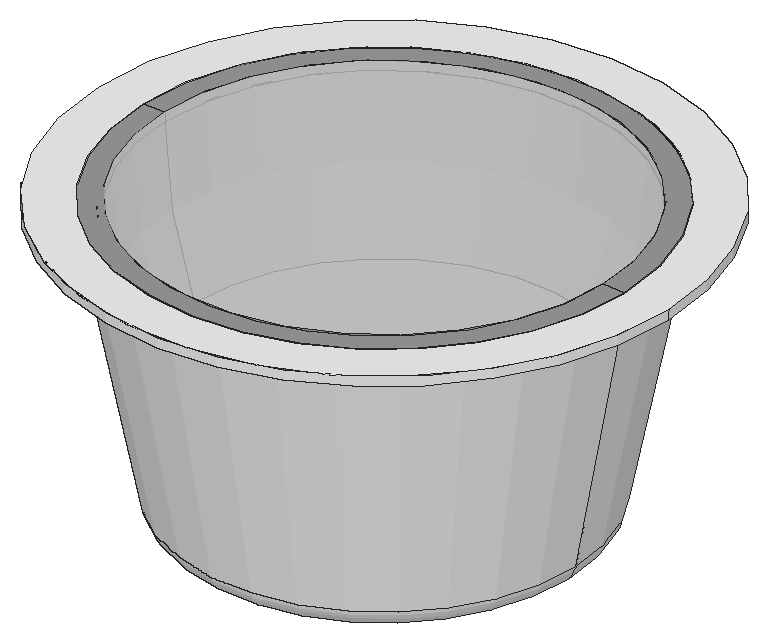
Revit family "2060555 Sylvania Lighting Fixture ASCENT 100 II ARCH 1900 4K STD 160", category Lighting Fixtures, host Face, Revit 2016
Family settings
  Host = Face
  Part Type = Normal
  Round Connector Dimension = Use Diameter
  OmniClass Number = 23.80.70.11.17
  OmniClass Title = Specialized Lighting by Location or Use
  Cut with Voids When Loaded = No
  Light Source = Yes
  Shared = No
  Room Calculation Point = No
Parameters (values of type "2060555 ASCT100 II ARCH 1900 4K STD 160")
  WidthBezelAcc_SYL = 25.0 mm
  Weight = "1.2 kg"
  Wattage = 17 W
  WarrantyStartDate [instance] = "n/a"
  WarrantyGuarantorParts = "n/a"
  WarrantyDurationUnit = "n/a"
  WarrantyDurationParts = "n/a"
  WarrantyDescription = "n/a"
  built-in parameter 1150110 = 1 (stored number, unit not read)
  Voltage = 0 V
  VisibilityAccessory_SYL = no
  TypeName = "ASCENT 100 II ARCH 1900 4K STD 160"
  built-in parameter 1114217 = 1 (stored number, unit not read)
  Tilt Angle = -90°
  built-in parameter 1150109 = 1 (stored number, unit not read)
  built-in parameter 1150134 = 12
  built-in parameter 1150113 = 1 (stored number, unit not read)
  SerialNumber [instance] = "n/a"
  ReflectorRadius_SYL = Radius_SYL - 14.5 mm  # 80.0 mm
  RadiusAcc_SYL = 105.0 mm
  Radius_SYL = 94.5 mm
  URL = "http://www.sylvania-lighting.com"
  PowerFactor = 0
  PowerConsumption = "17 W"
  Photometric Web File = "2060555.ies"
  NominalWidth = 0.0 mm
  NominalLength = 0.0 mm
  NominalHeight = 94.0 mm
  Name = "ASCENT 100 II ARCH 1900 4K STD 160"
  ModelReference = "ASCENT 100 II ARCH 1900 4K STD 160"
  ModelNumber = "2060555"
  Material_4_SYL = none
  Material_3_SYL = Polycarbonate_Sylvania_Ascent_Opal
  Material_2_SYL = Aluminium_Sylvania_Ascent_Silver
  Material_1_SYL = Aluminum_Sylvania_Ascent_White
  Material = "aluminium housing, arcylic diffuser"
  ManufacturerName = "Feilo Sylvania"
  LuminousEfficacy = "113 lm/W"
  built-in parameter 1150105 = 152.87 (stored number, unit not read)
  Lumens = 1921 lm
  LuminaireType = ""
  built-in parameter 1150115 = 1 (stored number, unit not read)
  LightOutputRatio = "100"
  built-in parameter 1150137 = (empty or 0)
  built-in parameter 1150139 = (empty or 0)
  LampsType = Lamp  # "LED"
  LampNominalLuminous = "1921 lm"
  LampMacAdamStep = "3"
  LampColourTemperature = "4000 K"
  LampColourRenderingIndex = "80"
  built-in parameter 1150112 = 1 (stored number, unit not read)
  built-in parameter 1150114 = 1 (stored number, unit not read)
  Keynote = "16500"
  InstallationDate [instance] = "n/a"
  InputVoltage = "n/a"
  InputNominalFrequency = "n/a"
  built-in parameter 1150132 = (empty or 0)
  built-in parameter 1150102 = (empty or 0)
  built-in parameter 1150107 = 4000 (stored number, unit not read)
  built-in parameter 1150138 = (empty or 0)
  IngressProtection = "IP40"
  ImpactProtectionIndex = "IK02"
  built-in parameter 1150106 = 1.5287 (stored number, unit not read)
  IfcExportType = "IfcLightFixtureType"
  IfcExportAs = "IfcLightFixtureType"
  Height_SYL = 94.0 mm
  HeightAcc_SYL = 7.0 mm
  ExpectedLife = 50000
  EmittionSurface_SYL = if(VisibilityAccessory_SYL, 7.0 mm, 3.0 mm)  # 3.0 mm
  Emit from Circle Diameter = DiffuserRadius_SYL * 2  # 146.0 mm
  Emit Shape Visible in Rendering = no
  ElectricShockClassification = "Class II"
  built-in parameter 1150104 = 10.498 (stored number, unit not read)
  DurationUnit = "hours"
  DocumentationLiterature = "http://www.sylvania-lighting.com/product/en-int/products/2060555"
  DimmingControlOptions = "n/a"
  Dimming Lamp Color Temperature Shift = <None>
  DiffuserRadius_SYL = ReflectorRadius_SYL - 7.0 mm  # 73.0 mm
  Diameter_SYL = 2 * Radius_SYL  # 189.0 mm
  CutoutDiameter_SYL = Diameter_SYL - 13.0 mm  # 176.0 mm
  CreatedOn = "9/17/2018"
  CreatedBy = "@sylvania-lighting.com"
  Color Filter = 16777215
  built-in parameter 1114216 [instance] = 1 (stored number, unit not read)
  Model = "ASCENT 100 II ARCH 1900 4K STD 160"
  Manufacturer = "Feilo Sylvania"
  Lamp = "LED"
  Description = "Direct LED retro fit for original LED 100 Arch (160) single CFL lamp offering Matching lumen levels and improved light distribution of original LED 100 CFL lamp equivalents Typically half the power consumption compared to CFL Up to 112lm/W 160mm aperture Architectural reflector accepts range of glass accessories from existing LED 100 Arch 160 offering HE, HO and VHO versions equivalent of single 1 x 18W, 1 x 32W, 1 x 42W\r\n Additional VVHO versions which offer the performance circa 2 x 32W equivalent"  # constant formula
  Default Elevation = 0.0 mm
  built-in parameter 1140040 [instance] = 1
  BarCode [instance] = "n/a"
  built-in parameter 1114218 = 1 (stored number, unit not read)
  built-in parameter 1150133 = 10 (stored number, unit not read)
  AssetType = "Fixed"
  AssetIdentifier [instance] = "n/a"
  Assembly Code = "D5020200"
  Apparent Load = 17 VA
  Aperture_SYL = 2 * ReflectorRadius_SYL  # 160.0 mm
Reference planes
  plane 1 "Center (Front/Back)": y = 0
  plane 2: z = 0
  plane 3 "Center (Left/Right)": x = 0
  plane 4 "Fixture Bottom": z = 3
  plane 5: z = -52.5
  plane 6 "Fixture Top": z = -91
  plane 7: x = -105
  plane 8: z = 7
  plane 9: x = -80
  plane 10: z = 5
  plane 11: x = -103
Forms (mm)
  Extrusion 1, solid, material "Aluminum_Sylvania_Ascent_White", detail levels fine
    sketch origin (0, 0, 0) x (1, 0, 0) y (0, 1, 0)
      loop
        circle (0, 0) r 94.5
      loop
        circle (0, 0) r 80
    from 0 to 3
  Extrusion 2, void
    sketch origin (0, 0, 0) x (1, 0, 0) y (0, 1, 0)
      loop
        circle (0, 0) r 88
    from -91 to 3
  Revolve 3, solid, material "Aluminum_Sylvania_Ascent_White" <- "Material_1_SYL", detail levels fine
    sketch origin (0, 0, 0) x (1, 0, 0) y (0, 0, 1)
      loop
        line (0, -91.073) -> (0, -89.023) -> (-55.468, -89.014)
        arc (-55.468, -89.014) -> (-59.352, -87.613) -> (-61.54, -84.139) r 6.307
        line (-61.54, -84.139) -> (-77.991, -2.844) -> (-77.991, 0) -> (-80, 0) -> (-80, -3) -> (-63.5, -84.536)
        arc (-63.5, -84.536) -> (-60.643, -89.203) -> (-55.5, -91.073) r 8.291
        line (-55.5, -91.073) -> (0, -91.073)
      axis (0, 0) -> (0, -91.073)
    angle from 0 to 360
  Revolve 4, solid, material "Aluminium_Sylvania_Ascent_Silver" <- "Material_2_SYL", detail levels fine
    sketch origin (0, 0, 0) x (1, 0, 0) y (0, 0, 1)
      loop
        line (-80, 3) -> (-80, 0) -> (-75, 0)
        arc (-75, 0) -> (-72.349, -26.77) -> (-64.5, -52.5) r 136.5
        line (-64.5, -52.5) -> (-58, -52.5)
        arc (-58, -52.5) -> (-56.857, -61.521) -> (-53.5, -69.971) r 36.166
        line (-53.5, -69.971) -> (0, -69.971) -> (0, -50.5) -> (-63.16, -50.5)
        arc (-63.16, -50.5) -> (-70.517, -25.725) -> (-73, 0) r 134.5
        line (-73, 0) -> (-73, 3) -> (-80, 3)
      axis (0, 3) -> (0, -69.971)
    angle from 0 to 360
  Extrusion 5, solid, material "Polycarbonate_Sylvania_Ascent_Opal" <- "Material_3_SYL", detail levels fine
    sketch origin (0, 0, 0) x (1, 0, 0) y (0, 1, 0)
      loop
        circle (0, 0) r 73
    from 0 to 3
  Revolve 6, solid, material "Aluminum_Sylvania_Ascent_White" <- "Material_1_SYL", detail levels coarse+medium
    sketch origin (0, 0, 0) x (1, 0, 0) y (0, 0, 1)
      loop
        line (0, -91.073) -> (0, 3) -> (-94.5, 3) -> (-94.5, 0) -> (-79.5, 0) -> (-79.5, -3) -> (-63, -84.536)
        arc (-63, -84.536) -> (-60.143, -89.203) -> (-55, -91.073) r 8.291
        line (-55, -91.073) -> (0, -91.073)
      axis (0, 3) -> (0, -91.073)
    angle from 0 to 360
  Revolve 7, solid, material "Aluminum_Sylvania_Ascent_White" <- "Material_1_SYL", visible <- "VisibilityAccessory_SYL"
    sketch origin (0, 0, 0) x (1, 0, 0) y (0, 0, 1)
      loop
        line (-105, 0) -> (-103, 0) -> (-103, 5) -> (-80, 5) -> (-80, 7) -> (-105, 7) -> (-105, 0)
      axis (0, 7) -> (0, 0)
    angle from 0 to 360
  Revolve 8, solid, material "Polycarbonate_Sylvania_Ascent_Opal" <- "Material_3_SYL", visible <- "VisibilityAccessory_SYL"
    sketch origin (0, 0, 0) x (1, 0, 0) y (0, 0, 1)
      loop
        line (-80, 7) -> (-80, 5) -> (0, 5) -> (0, 7) -> (-80, 7)
      axis (0, 7) -> (0, 5)
    angle from 0 to 360
Lines and regions (mm)
  reference lines
    curve 1: line (-150, 0, 3) -> (125, 0, 3)
Dimensions and locks
  locked: plane 4 "Fixture Bottom" to plane 2 at 3
  "Height_SYL": plane 4 "Fixture Bottom" to plane 6 "Fixture Top"
  "ReflectorRadius_SYL": plane 3 "Center (Left/Right)" to Revolve 4 sketch curve
  locked: Revolve 4 sketch curve to Revolve 4 sketch curve at 15.5
  locked: Revolve 4 sketch curve to Revolve 4 sketch curve at 5
  locked: Revolve 4 sketch curve to Revolve 4 sketch curve at 7
  locked: Revolve 4 sketch curve to Revolve 4 sketch curve at 22
  locked: Revolve 4 sketch curve to Revolve 4 sketch curve at 26.5
  locked: Revolve 3 sketch curve to Revolve 3 sketch curve at 16.5
  locked: Revolve 3 sketch curve to Revolve 3 sketch curve at 24.5
  "ReflectorRadius_SYL": Revolve 3 sketch curve to plane 3 "Center (Left/Right)"
  locked: Revolve 3 sketch curve to plane 6 "Fixture Top" at 6.464
  locked: plane 2 to Revolve 3 sketch curve at 3
  locked: Revolve 3 sketch curve to Revolve 3 sketch curve at 2
  locked: Revolve 3 sketch curve to Revolve 3 sketch curve at 2.009
  locked: plane 2 to plane 5 at 52.5
  locked: Revolve 6 sketch curve to Revolve 6 sketch curve at 31.5
  locked: Revolve 6 sketch curve to Revolve 6 sketch curve at 39.5
  locked: Revolve 6 sketch curve to Revolve 6 sketch curve at 15
  "Radius_SYL": plane 3 "Center (Left/Right)" to Revolve 6 sketch curve
  "RadiusAcc_SYL": plane 3 "Center (Left/Right)" to plane 7
  "HeightAcc_SYL": plane 8 to level
  "WidthBezelAcc_SYL": plane 7 to plane 9
  locked: plane 7 to plane 11 at 2
  locked: plane 8 to plane 10 at 2
  "EmittionSurface_SYL": curve 1 to level
  "CutoutDiameter_SYL": diameter of Extrusion 2 sketch curve
  "ReflectorRadius_SYL": radius of Extrusion 1 sketch curve
  "DiffuserRadius_SYL": radius of Extrusion 5 sketch curve
  "Radius_SYL": radius of Extrusion 1 sketch curve
  aligned and locked: host face to plane 2
  aligned and locked: host face to level
  aligned and locked: plane 4 "Fixture Bottom" to Extrusion 1
  aligned and locked: Extrusion 1 to plane 2
  aligned and locked: Revolve 3 sketch curve to plane 3 "Center (Left/Right)"
  aligned and locked: Revolve 4 sketch curve to plane 3 "Center (Left/Right)"  (x2)
  aligned and locked: plane 4 "Fixture Bottom" to Revolve 4 sketch curve
  aligned and locked: Extrusion 5 to plane 2
  aligned and locked: plane 2 to Revolve 3 sketch curve  (x2)
  aligned and locked: Revolve 6 sketch curve to plane 3 "Center (Left/Right)"
  aligned and locked: plane 6 "Fixture Top" to Extrusion 2
  aligned and locked: Revolve 7 sketch curve to plane 3 "Center (Left/Right)"
  aligned and locked: host face to Revolve 7 sketch curve  (x2)
  aligned and locked: Revolve 7 sketch curve to plane 7
  aligned and locked: plane 8 to Revolve 7 sketch curve
  aligned and locked: plane 9 to Revolve 7 sketch curve
  aligned and locked: Revolve 7 sketch curve to plane 10
  aligned and locked: plane 11 to Revolve 7 sketch curve
  aligned and locked: Revolve 7 to Revolve 8 sketch curve
  aligned and locked: Revolve 8 sketch curve to Revolve 7  (x2)
  aligned and locked: Revolve 8 sketch curve to plane 3 "Center (Left/Right)"  (x2)
  aligned and locked: plane 3 "Center (Left/Right)" to imposter light
  aligned and locked: imposter light to plane 1 "Center (Front/Back)"
  aligned and locked: imposter light to curve 1
Automatic sketch dimensions
  plane 1 "Center (Front/Back)" to Extrusion 2 sketch curve = 0.0 mm
  Extrusion 2 sketch curve to plane 3 "Center (Left/Right)" = 0.0 mm
  Extrusion 1 sketch curve to Extrusion 1 sketch curve = 0.0 mm  (x2)
  plane 1 "Center (Front/Back)" to Extrusion 1 sketch curve = 0.0 mm
  Extrusion 1 sketch curve to plane 3 "Center (Left/Right)" = 0.0 mm
  plane 6 "Fixture Top" to Revolve 3 sketch curve = 0.073 mm
  Revolve 3 sketch curve to plane 6 "Fixture Top" = 6.861 mm
  Revolve 3 sketch curve to Revolve 3 sketch curve = 0.003 mm
  Revolve 3 sketch curve to Revolve 3 sketch curve = 0.009 mm  (x2)
  Revolve 3 sketch curve to Revolve 3 sketch curve = 0.023 mm
  Revolve 3 sketch curve to Revolve 3 sketch curve = 0.072 mm
  Revolve 3 sketch curve to Revolve 3 sketch curve = 0.008 mm
  Revolve 3 sketch curve to plane 6 "Fixture Top" = 1.977 mm
  Revolve 3 sketch curve to Revolve 3 sketch curve = 33.496 mm
  Revolve 3 sketch curve to Revolve 3 sketch curve = 0.028 mm
  plane 4 "Fixture Bottom" to Revolve 3 sketch curve = 82.431 mm
  Revolve 4 sketch curve to Revolve 4 sketch curve = 0.0 mm  (x2)
  Revolve 4 sketch curve to plane 5 = 0.0 mm
  Revolve 4 sketch curve to level = 0.0 mm
  plane 5 to Revolve 4 sketch curve = 2.0 mm
  plane 4 "Fixture Bottom" to Revolve 4 sketch curve = 9.642 mm
  plane 1 "Center (Front/Back)" to Extrusion 5 sketch curve = 0.0 mm
  Extrusion 5 sketch curve to plane 3 "Center (Left/Right)" = 0.0 mm
  Revolve 4 sketch curve to level = 69.971 mm
  Revolve 4 sketch curve to Revolve 4 sketch curve = 2.387 mm
  Revolve 6 sketch curve to level = 0.0 mm
  Revolve 6 sketch curve to plane 3 "Center (Left/Right)" = 0.0 mm
  Revolve 6 sketch curve to Revolve 6 sketch curve = 8.104 mm
  Revolve 6 sketch curve to level = 3.0 mm
  Revolve 6 sketch curve to plane 6 "Fixture Top" = 6.464 mm
  plane 6 "Fixture Top" to Revolve 6 sketch curve = 0.073 mm
  Revolve 6 sketch curve to Revolve 6 sketch curve = 33.496 mm
  plane 4 "Fixture Bottom" to Revolve 6 sketch curve = 82.431 mm
  host sketch curve to host sketch curve = 1704.996 mm
  host sketch curve to host sketch curve = 1500.0 mm
  plane 6 "Fixture Top" to Revolve 7 sketch curve = 281.274 mm
  Revolve 7 sketch curve to plane 8 = 1140.706 mm
  plane 6 "Fixture Top" to Revolve 8 sketch curve = 281.274 mm
  Revolve 8 sketch curve to Revolve 8 sketch curve = 1140.706 mm
  Revolve 3 sketch curve to plane 3 "Center (Left/Right)" = 0.0 mm
  Revolve 6 sketch curve to plane 4 "Fixture Bottom" = 0.0 mm
  plane 7 to curve 1 = 45.0 mm
  plane 3 "Center (Left/Right)" to curve 1 = 125.0 mm
Connectors
  electrical at (0, 0, -91.073), driven by "Apparent Load"
    settings: on Revolve 3, index 1, voltage 240 V, apparent load 0 VA, apparent load phase1 17 VA, apparent load phase2 0 VA, apparent load phase3 0 VA, power factor 1, load classification "Lighting", number of poles 1, system type 31, power factor state 1, is connector primary yes, connector utility no, sub classification motor no, connector description ""
